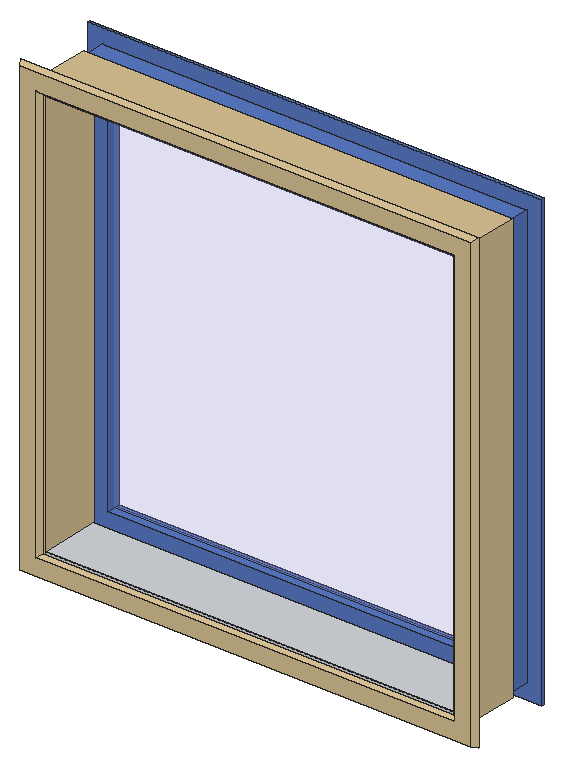
Revit family
Parameters (values of type "800 x 800")
  WinthinWall [instance] = 20 mm
  Operation = "SinglePanel"
  Location = "Exterior"
  Keynote = "45-23-028"
  Height = 800 mm
  Default Sill Height [instance] = 1300 mm
  Wall Closure = (empty or 0)
  Width = 800 mm
  Construction Type = "Al Frame ParticleBd Jamb Liner"
  Assembly Code = ""
  Architrave Width = 40 mm
  Architrave Thickness = 10 mm
Types (6, lengths in mm): name | Operation | Keynote | Height | Default Sill Height | Width
  1000 x 600 | "SinglePanel" | "45-23-026" | 600 | 1500 | 1000
  800 x 1000 | "SinglePanel" | "45-23-023" | 1000 | 1100 | 800
  800 x 1200 | "SinglePanel" | "45-23-024" | 1200 | 900 | 800
  800 x 800 | "SinglePanel" | "45-23-028" | 800 | 1300 | 800
  1200 x 400 | "SinglePanel" | "45-23-025" | 400 | 1700 | 1200
  1000 x 800 | "" | "45-23-027" | 800 | 1300 | 1000
Reference planes
  plane 1: y = 0
  plane 2 "Center (Left/Right)": x = 0
  plane 3 "Left": x = -400
  plane 4 "Right": x = 400
  plane 5 "Sill": z = 1300
  plane 6 "Head": z = 2100
  plane 7 "Exterior": y = 75
  plane 8 "Interior": y = -75
  plane 9 "GlassLine": y = 55
  plane 10: y = -85
Forms (mm)
  Sweep 1, solid, detail levels medium+fine
    path origin (0, 55, 0) x (1, 0, 0) y (0, 0, 1)
      loop
        line (400, 1300) -> (400, 2100) -> (-400, 2100) -> (-400, 1300) -> (400, 1300)
    profile origin (0, 0, 0) x (0, 0, -1) y (0, -1, 0)
      loop
        line (-1310, -75) -> (-1310, -35) -> (-1350, -35) -> (-1350, -60.347) -> (-1335.384, -75) -> (-1315.033, -75) -> (-1315.033, -79.773) -> (-1282.319, -79.773) -> (-1282.319, -75) -> (-1310, -75)
  Sweep 2, solid, detail levels medium+fine
    path origin (0, 55, 0) x (1, 0, 0) y (0, 0, 1)
      loop
        line (400, 1300) -> (400, 2100) -> (-400, 2100) -> (-400, 1300) -> (400, 1300)
    profile origin (0, 0, 0) x (0, 0, -1) y (0, -1, 0)
      loop
        line (-1305, -35.674) -> (-1305, 75) -> (-1324.003, 75) -> (-1324.003, -35.674) -> (-1305, -35.674)
  Extrusion 3, solid
    sketch origin (0, 55, 0) x (1, 0, 0) y (0, 0, 1)
      loop
        line (350, 1350) -> (350, 2050) -> (-350, 2050) -> (-350, 1350) -> (350, 1350)
    from 0 to 5
  Extrusion 4, solid, detail levels medium+fine
    sketch origin (0, 0, 1300) x (0, -1, 0) y (1, 0, 0)
      loop
        line (75, -375.997) -> (75, 375.997) -> (-35, 375.997) -> (-35, -375.997) -> (75, -375.997)
    from 5 to 24.003
  Sweep 5, solid
    path origin (0, -75, 0) x (1, 0, 0) y (0, 0, 1)
      loop
        line (-375.997, 1324.003) -> (375.997, 1324.003) -> (375.997, 2075.997) -> (-375.997, 2075.997) -> (-375.997, 1324.003)
    profile origin (0, -75, 1324.003) x (0, 0, 1) y (0, -1, 0)
      loop
        line (-4.922, 0) -> (-9.463, 10) -> (-39.463, 10) -> (-44.922, 0) -> (-4.922, 0)
Lines and regions (mm)
  Opening 1
    outline origin (3582.473, -75, 0) x (1, 0, 0) y (0, 0, 1)
      loop
        line (-3182.473, 1300) -> (-3182.473, 2100) -> (-3982.473, 2100) -> (-3982.473, 1300) -> (-3182.473, 1300)
  symbolic lines, style "WindowsGlassProjection", detail levels fine
    curve 1: line (-350, 54.3, 0) -> (349.003, 54.3, 0)
  symbolic lines, style "WindowsGlassProjection", detail levels coarse
    curve 2: line (-395, 35.674, 0) -> (395, 35.674, 0)
Text (mm)
  text "EXTERIOR" at (-1246.183, 637.31, 0), in view "Ref. Level"
  text "INTERIOR" at (-1246.183, -544.027, 0), in view "Ref. Level"
  text "Exterior" at (0, 923.751, 2943.296), in view "Right"
  text "Exterior" at (0, 1040.484, 2685.409), in view "Left"
Dimensions and locks
  equal spacing: plane 3 "Left", plane 2 "Center (Left/Right)", plane 4 "Right"
  "Width": plane 3 "Left" to plane 4 "Right"
  "Height": plane 5 "Sill" to plane 6 "Head"
  "Default Sill Height": plane 5 "Sill" to level
  locked: plane 7 "Exterior" to host wall at 0
  locked: plane 8 "Interior" to host wall
  "WinthinWall": plane 9 "GlassLine" to plane 7 "Exterior"
  "Architrave Width": Sweep 5 sketch curve to Sweep 5 sketch curve
  "Architrave Thickness": plane 8 "Interior" to plane 10
  aligned and locked: Sweep 1 sketch curve to host wall  (x3)
  aligned and locked: host wall to Sweep 1 sketch curve
  aligned and locked: plane 6 "Head" to Sweep 2 sketch curve
  aligned and locked: Sweep 1 to Extrusion 3 sketch curve
  aligned and locked: Extrusion 3 sketch curve to Sweep 1  (x3)
  aligned and locked: curve 2 to Sweep 2  (x2)
  aligned and locked: Extrusion 4 sketch curve to Sweep 2  (x2)
  aligned and locked: Sweep 2 to Extrusion 4
  aligned and locked: Extrusion 4 sketch curve to Sweep 1
  aligned and locked: host wall to Sweep 2 sketch curve
  aligned and locked: host wall to Extrusion 4 sketch curve
  aligned and locked: Sweep 5 sketch curve to Sweep 2  (x4)
  aligned and locked: plane 8 "Interior" to Sweep 5 sketch curve
  aligned and locked: plane 10 to Sweep 5 sketch curve
  aligned and locked: Sweep 5 sketch curve to plane 8 "Interior"
Automatic sketch dimensions
  Opening 1 sketch curve to plane 3 "Left" = 0 mm
  Opening 1 sketch curve to plane 4 "Right" = 0 mm
  Opening 1 sketch curve to plane 5 "Sill" = 0 mm
  Opening 1 sketch curve to plane 6 "Head" = 0 mm
  Sweep 2 sketch curve to plane 3 "Left" = 0 mm
  Sweep 2 sketch curve to plane 4 "Right" = 0 mm
  Sweep 2 sketch curve to plane 5 "Sill" = 0 mm
  Sweep 1 sketch curve to plane 9 "GlassLine" = 5.347 mm
  profile plane to Sweep 1 sketch curve = 50 mm
  Sweep 1 sketch curve to Sweep 1 sketch curve = 14.616 mm
  profile plane to Sweep 1 sketch curve = 15.033 mm
  profile plane to Sweep 1 sketch curve = 10 mm
  Sweep 1 sketch curve to profile plane = 17.681 mm
  Sweep 1 sketch curve to plane 9 "GlassLine" = 20 mm
  Sweep 1 sketch curve to Sweep 1 sketch curve = 0 mm
  Sweep 1 sketch curve to Sweep 1 sketch curve = 4.773 mm
  plane 9 "GlassLine" to Sweep 1 sketch curve = 20 mm
  plane 4 "Right" to curve 1 = 50.997 mm
  plane 4 "Right" to curve 2 = 5 mm
  plane 9 "GlassLine" to curve 1 = 0.7 mm
  curve 2 to curve 1 = 45 mm
  profile plane to Sweep 2 sketch curve = 24.003 mm
  profile plane to Sweep 2 sketch curve = 5 mm
  plane 9 "GlassLine" to Sweep 2 sketch curve = 19.326 mm
  profile plane to Sweep 5 sketch curve = 44.922 mm
  Sweep 5 sketch curve to Sweep 5 sketch curve = 5.46 mm
  profile plane to Sweep 5 sketch curve = 9.463 mm
